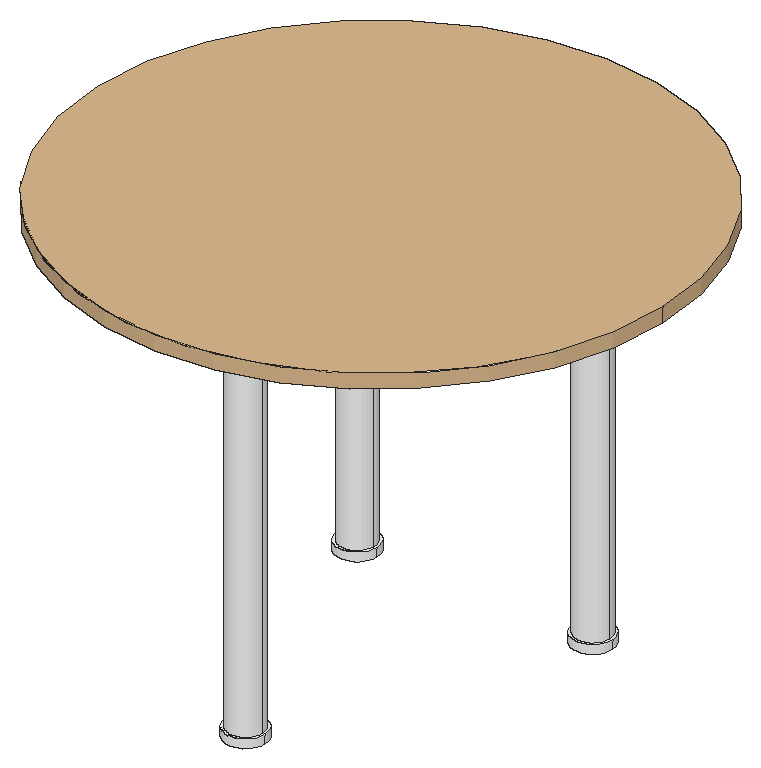
Revit family
Parameters (values of type "1000 x 1000")
  Vis - Symbolic Hidden = yes
  Material Table = Wood - Birch
  Model = "Meeting Table"
  Manufacturer = "Revit"
  Material Leg = Metal - Chrome
  Keynote = "N"
  Description = "Table"
  Assembly Code = "E2020200"
Reference planes
  plane 1: z = 0
  plane 2 "Center (Left/Right)": x = 0
  plane 3: y = -188.822
Forms (mm)
  Extrusion 1, solid, material "Wood - Birch" <- "Material Table"
    sketch origin (0, 0, 0) x (1, 0, 0) y (0, 1, 0)
      loop
        circle (0, -188.822) r 500
    from 700 to 725
Lines and regions (mm)
  Masking region 1
    outline origin (0, 0, 0) x (1, 0, 0) y (0, 1, 0)
      loop
        circle (0, -188.822) r 500
  symbolic lines, visible <- "Vis - Symbolic Hidden"
    curve 1: arc (500, -188.822, 0) -> (0, 311.178, 0) -> (-500, -188.822, 0) r 500
    curve 2: arc (-500, -188.822, 0) -> (0, -688.822, 0) -> (500, -188.822, 0) r 500
  symbolic lines, style "FurnitureHiddenLines", visible <- "Vis - Symbolic Hidden"
    curve 3: arc (-251.9, 20.079, 0) -> (-208.9, -22.921, 0) -> (-165.9, 20.079, 0) r 43
    curve 4: arc (-165.9, 20.079, 0) -> (-208.9, 63.079, 0) -> (-251.9, 20.079, 0) r 43
    curve 5: arc (165.9, 20.079, 0) -> (208.9, -22.921, 0) -> (251.9, 20.079, 0) r 43
    curve 6: arc (251.9, 20.079, 0) -> (208.9, 63.079, 0) -> (165.9, 20.079, 0) r 43
    curve 7: arc (43, -488.822, 0) -> (0, -445.822, 0) -> (-43, -488.822, 0) r 43
    curve 8: arc (-43, -488.822, 0) -> (0, -531.822, 0) -> (43, -488.822, 0) r 43
Dimensions and locks
  aligned and locked: Extrusion 1 to nested 1
  aligned and locked: curve 3 to nested 3
  aligned and locked: curve 4 to nested 3
  aligned and locked: curve 5 to nested 2
  aligned and locked: curve 6 to nested 2
  aligned and locked: curve 7 to nested 1
  aligned and locked: curve 8 to nested 1
  aligned and locked: Masking region 1 sketch curve to Extrusion 1  (x2)
Nested families
  nested 1: "Leg" at (0, -488.822, 0), type "Height 700mm"
  nested 2: "Leg" at (208.9, 20.079, 0) x (-1, 0, 0) z (0, 0, 1), type "Height 700mm"
  nested 3: "Leg" at (-208.9, 20.079, 0), type "Height 700mm"
Definition of nested family "Leg"
  Parameters (values of type "Height 700mm")
    Model = "Abacus"
    Manufacturer = "LM"
    Leg Material = none
    Description = "Table Leg"
    Assembly Code = "E2020200"
  Reference planes
    plane 1 "Center (Front/Back)": y = 0
    plane 2: z = 0
    plane 3 "Center (Left/Right)": x = 0
  Forms (mm)
    Revolve 1, solid, material <- "Leg Material"
      sketch origin (0, 0, 0) x (1, 0, 0) y (0, 0, 1)
        loop
          line (0, 15) -> (0, 700) -> (-43, 700) -> (-33, 650) -> (-30, 650) -> (-30, 15) -> (0, 15)
        axis (0, 15) -> (0, 700)
      angle from 0 to 360
    Extrusion 2, solid, material <- "Leg Material"
      sketch origin (0, 0, 0) x (1, 0, 0) y (0, 1, 0)
        loop
          circle (0, 0) r 35
      from 0 to 15
  Dimensions and locks
    aligned and locked: plane 3 "Center (Left/Right)" to Revolve 1 sketch curve
    aligned and locked: Revolve 1 to Extrusion 2
